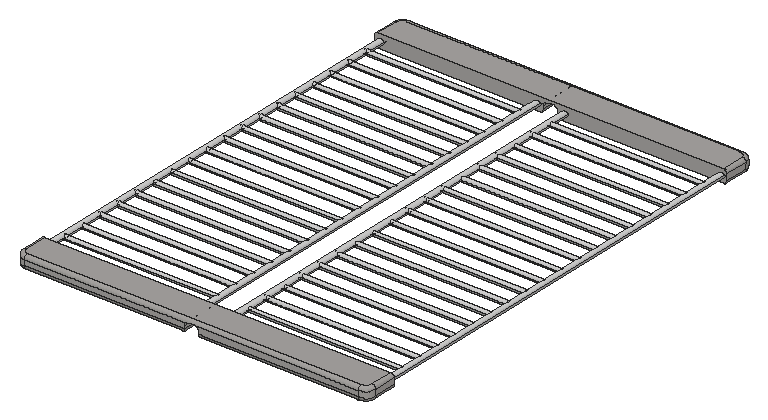
Revit family "Accessory-Drying_Rack-KOHLER-Ledge-K-35006", category Specialty Equipment, host Face, Revit 2021
Family settings
  Host = Face
  Round Connector Dimension = Use Diameter
  Part Type = Normal
  OmniClass Number = 23.31.25.00
  Cut with Voids When Loaded = No
  Shared = No
  Room Calculation Point = No
Parameters (values of type "NA-Not Applicable")
  Width = 11.9685"  # constant formula
  WaterSense Certified = 1 = 0  # no
  URL = "https://www.us.kohler.com/us/"
  Type = 1
  Secondary Finish = Plastic-Pantone-Gray_2332C
  Product Page URL = "http://www.us.kohler.com/us/catalog/productDetails.jsp?productNumber=35006"
  Product Name = "Ledge"  # constant formula
  Product Documentation Link = "https://www.us.kohler.com/webassets/kpna/catalog/pdf/en/K-35006_spec_US-CA_Kohler_en.pdf"
  Model = if(Type = 1, "K-35006-NA", "NA")  # "K-35006-NA"
  Material = "Premium Metal Construction"  # constant formula
  Master Format 2014 Name = "Toilet, Bath, and Laundry Accessories"  # constant formula
  Master Format 2014 = "10 28 00"  # constant formula
  Manufacturer Address = "444 Highland Dr, Kohler, WI 53044"  # constant formula
  Manufacturer = "Kohler Co."  # constant formula
  Length = 16.33858"  # constant formula
  Height = 0.44094"  # constant formula
  Finish = KOHLER-Metal-ST-Stainless_Steel
  Environmental Product Declaration = ""
  Description = "Drying Rack"  # constant formula
  Default Elevation = 42"
  Declare Label = ""
  Date Modified = "05/14/2024"  # constant formula
  Date Created = "05/14/2024"  # constant formula
  Copyright = "Copyright Kohler Co."  # constant formula
  Contact Us = "https://www.us.kohler.com/us/static/contact.jsp"
  Assembly Code = "C1030200"
  ADA Compliant = 1 = 0  # no
Reference planes (in)
  plane 1 "Center (Front/Back)": y = 0
  plane 2: z = 0
  plane 3 "Center (Left/Right)": x = 0
  plane 4: y = 8.16929
  plane 5: y = -8.16929
  plane 6: x = -5.98425
  plane 7: x = 5.98425
  plane 8: z = 0.44094
  plane 9: z = 0.31411
  plane 10: z = 0.12514
  plane 11: y = 7.07004
  plane 12: y = -7.07004
Dimensions and locks (in)
  "Width": plane 6 to plane 7
  plane 6 to plane 3 "Center (Left/Right)" = 5.98425"  (x2)
  plane 3 "Center (Left/Right)" to plane 7 = 5.98425"
  plane 1 "Center (Front/Back)" to plane 4 = 8.16929"
  plane 5 to plane 1 "Center (Front/Back)" = 8.16929"
  "Length": plane 5 to plane 4
  "Height": level to plane 8
  plane 4 to plane 5 = 16.33858"
  plane 8 to level = 0.44094"
  plane 6 to plane 7 = 11.9685"
  plane 7 to plane 3 "Center (Left/Right)" = 5.98425"
  plane 11 to plane 12 = 14.14008"
  aligned and locked: plane 2 to host face
  aligned and locked: level to host face
Automatic sketch dimensions
  host sketch curve to host sketch curve = 96"  (x2)
Nested families (in)
  nested 1: "K-35006" at (0, 0, 0), type "K-35006"
Definition of nested family "K-35006"
  Parameters
    Secondary Finish = none
    Material = none
    Default Elevation = 0"
  Reference planes (in)
    plane 1 "Center (Front/Back)": y = 0
    plane 2: z = 0
    plane 3 "Center (Left/Right)": x = 0
    plane 4: y = 8.16929
    plane 5: y = -8.16929
    plane 6: x = -5.98425
    plane 7: x = 5.98425
    plane 8: z = 0.44094
    plane 9: z = 0.31411
    plane 10: z = 0.12514
    plane 11: z = 0.31411
    plane 12: z = 0.12514
  Forms (in)
    Sweep 1, solid, material <- "Secondary Finish", detail levels medium+fine
      path origin (0, 0, 0) x (1, 0, 0) y (0, 1, 0)
        loop
          line (5.98425, 7.06897) -> (5.98425, 7.85433)
          arc (5.98425, 7.85433) -> (5.892, 8.07704) -> (5.66929, 8.16929) r 0.31496
          line (5.66929, 8.16929) -> (-5.66929, 8.16929)
          arc (-5.66929, 8.16929) -> (-5.892, 8.07704) -> (-5.98425, 7.85433) r 0.31496
          line (-5.98425, 7.85433) -> (-5.98425, 7.06897)
      profile origin (-5.98425, 7.46165, 0) x (1, 0, 0) y (0, 0, 1)
        loop
          arc (0, 0.11811) -> (0.03459, 0.03459) -> (0.11811, 0) r 0.11811
          line (0.11811, 0) -> (0.3001, 0) -> (0.3001, 0.44016) -> (0.11811, 0.44016)
          arc (0.11811, 0.44016) -> (0.03459, 0.40557) -> (0, 0.32205) r 0.11811
          line (0, 0.32205) -> (0, 0.11811)
    Extrusion 2, solid, material <- "Secondary Finish", detail levels medium+fine
      sketch origin (0, 0, 0) x (1, 0, 0) y (0, 1, 0)
        loop
          line (5.74231, 7.8692) -> (-5.72349, 7.8692) -> (-5.72349, 7.06897) -> (5.74231, 7.06897) -> (5.74231, 7.8692)
      from 0 to 0.44016
    Extrusion 3, void
      sketch origin (0, 0, 0) x (1, 0, 0) y (0, 0, 1)
        loop
          line (0.23377, 0.11811) -> (0.23377, 0.23259)
          arc (0.23377, 0.23259) -> (0.19917, 0.31611) -> (0.11566, 0.3507) r 0.11811
          line (0.11566, 0.3507) -> (-0.11664, 0.3507)
          arc (-0.11664, 0.3507) -> (-0.20016, 0.31611) -> (-0.23475, 0.23259) r 0.11811
          line (-0.23475, 0.23259) -> (-0.23475, 0.11811)
          arc (-0.23475, 0.11811) -> (-0.26934, 0.03459) -> (-0.35286, 0) r 0.11811
          line (-0.35286, 0) -> (0.35188, 0)
          arc (0.35188, 0) -> (0.26836, 0.03459) -> (0.23377, 0.11811) r 0.11811
      from -8.48546 to 11.44988
    Sweep 4, solid, material <- "Secondary Finish", detail levels medium+fine
      path origin (0, 0, 0) x (1, 0, 0) y (0, 1, 0)
        loop
          line (5.98425, -7.06897) -> (5.98425, -7.85433)
          arc (5.98425, -7.85433) -> (5.892, -8.07704) -> (5.66929, -8.16929) r 0.31496
          line (5.66929, -8.16929) -> (-5.66929, -8.16929)
          arc (-5.66929, -8.16929) -> (-5.892, -8.07704) -> (-5.98425, -7.85433) r 0.31496
          line (-5.98425, -7.85433) -> (-5.98425, -7.06897)
      profile origin (-5.98425, -7.46165, 0) x (-1, 0, 0) y (0, 0, 1)
        loop
          line (0, 0.11811) -> (0, 0.32205)
          arc (0, 0.32205) -> (-0.03459, 0.40557) -> (-0.11811, 0.44016) r 0.11811
          line (-0.11811, 0.44016) -> (-0.3001, 0.44016) -> (-0.3001, 0) -> (-0.11811, 0)
          arc (-0.11811, 0) -> (-0.03459, 0.03459) -> (0, 0.11811) r 0.11811
    Extrusion 5, solid, material <- "Secondary Finish", detail levels medium+fine
      sketch origin (0, 0, 0) x (1, 0, 0) y (0, 1, 0)
        loop
          line (5.74231, -7.8692) -> (5.74231, -7.06897) -> (-5.72349, -7.06897) -> (-5.72349, -7.8692) -> (5.74231, -7.8692)
      from 0 to 0.44016
    Extrusion 6, solid, material <- "Material"
      sketch origin (0, 0, 0) x (1, 0, 0) y (0, 0, 1)
        loop
          circle (-5.782, 0.22011) r 0.094
        loop
          circle (-0.469, 0.22011) r 0.094
        loop
          circle (0.469, 0.22011) r 0.094
        loop
          circle (5.782, 0.22011) r 0.094
      from -7.41243 to 7.30809
    Extrusion 7, solid, material <- "Material"
      sketch origin (0, 0, 0) x (0, 1, 0) y (0, 0, 1)
        loop
          circle (6.3888, 0.22011) r 0.078
        loop
          circle (5.6364, 0.22011) r 0.078
        loop
          circle (4.884, 0.22011) r 0.078
        loop
          circle (4.1316, 0.22011) r 0.078
        loop
          circle (3.3792, 0.22011) r 0.078
        loop
          circle (2.6268, 0.22011) r 0.078
        loop
          circle (1.8744, 0.22011) r 0.078
        loop
          circle (1.122, 0.22011) r 0.078
        loop
          circle (0.3696, 0.22011) r 0.078
        loop
          circle (-0.3828, 0.22011) r 0.078
        loop
          circle (-1.1352, 0.22011) r 0.078
        loop
          circle (-1.8876, 0.22011) r 0.078
        loop
          circle (-2.64, 0.22011) r 0.078
        loop
          circle (-3.3924, 0.22011) r 0.078
        loop
          circle (-4.1448, 0.22011) r 0.078
        loop
          circle (-4.8972, 0.22011) r 0.078
        loop
          circle (-5.6496, 0.22011) r 0.078
        loop
          circle (-6.402, 0.22011) r 0.078
      from -5.74999 to -0.48266
    Extrusion 8, solid, material <- "Material"
      sketch origin (-0.06791, 0, 0) x (0, 1, 0) y (0, 0, 1)
        loop
          circle (6.3888, 0.22011) r 0.078
        loop
          circle (5.6364, 0.22011) r 0.078
        loop
          circle (4.884, 0.22011) r 0.078
        loop
          circle (4.1316, 0.22011) r 0.078
        loop
          circle (3.3792, 0.22011) r 0.078
        loop
          circle (2.6268, 0.22011) r 0.078
        loop
          circle (1.8744, 0.22011) r 0.078
        loop
          circle (1.122, 0.22011) r 0.078
        loop
          circle (0.3696, 0.22011) r 0.078
        loop
          circle (-0.3828, 0.22011) r 0.078
        loop
          circle (-1.1352, 0.22011) r 0.078
        loop
          circle (-1.8876, 0.22011) r 0.078
        loop
          circle (-2.64, 0.22011) r 0.078
        loop
          circle (-3.3924, 0.22011) r 0.078
        loop
          circle (-4.1448, 0.22011) r 0.078
        loop
          circle (-4.8972, 0.22011) r 0.078
        loop
          circle (-5.6496, 0.22011) r 0.078
        loop
          circle (-6.402, 0.22011) r 0.078
      from 0.53673 to 5.81349
    Extrusion 9, solid, material <- "Secondary Finish", detail levels coarse
      sketch origin (0, 0, 0) x (1, 0, 0) y (0, 1, 0)
        loop
          line (-5.98425, 7.06897) -> (5.98425, 7.06897) -> (5.98425, 7.8508)
          arc (5.98425, 7.8508) -> (5.892, 8.07351) -> (5.66929, 8.16576) r 0.31496
          line (5.66929, 8.16576) -> (-5.66929, 8.16576)
          arc (-5.66929, 8.16576) -> (-5.892, 8.07351) -> (-5.98425, 7.8508) r 0.31496
          line (-5.98425, 7.8508) -> (-5.98425, 7.06897)
        loop
          line (5.98425, -7.06897) -> (-5.98425, -7.06897) -> (-5.98425, -7.8508)
          arc (-5.98425, -7.8508) -> (-5.892, -8.07351) -> (-5.66929, -8.16576) r 0.31496
          line (-5.66929, -8.16576) -> (5.66929, -8.16576)
          arc (5.66929, -8.16576) -> (5.892, -8.07351) -> (5.98425, -7.8508) r 0.31496
          line (5.98425, -7.8508) -> (5.98425, -7.06897)
      from 0 to 0.44016
  Cuts and joins
    Extrusion 3 cuts Sweep 1
    Extrusion 3 cuts Extrusion 2
    joined: Sweep 1, Extrusion 2
    Extrusion 3 cuts Sweep 4
    Extrusion 3 cuts Extrusion 5
    joined: Sweep 4, Extrusion 5
  Lines and regions (in)
    Masking region 1
      outline origin (0, 0, 0) x (1, 0, 0) y (0, 1, 0)
        loop
          line (-5.98425, 7.87402) -> (-5.98425, 7.09957)
          arc (-5.98425, 7.09957) -> (-5.9756, 7.07869) -> (-5.95472, 7.07004) r 0.02953
          line (-5.95472, 7.07004) -> (-5.87603, 7.07004) -> (-5.87603, -7.07004) -> (-5.95472, -7.07004)
          arc (-5.95472, -7.07004) -> (-5.9756, -7.07869) -> (-5.98425, -7.09957) r 0.02953
          line (-5.98425, -7.09957) -> (-5.98425, -7.87402)
          arc (-5.98425, -7.87402) -> (-5.89777, -8.08281) -> (-5.68898, -8.16929) r 0.29528
          line (-5.68898, -8.16929) -> (5.68898, -8.16929)
          arc (5.68898, -8.16929) -> (5.89777, -8.08281) -> (5.98425, -7.87402) r 0.29528
          line (5.98425, -7.87402) -> (5.98425, -7.09957)
          arc (5.98425, -7.09957) -> (5.9756, -7.07869) -> (5.95472, -7.07004) r 0.02953
          line (5.95472, -7.07004) -> (5.87603, -7.07004) -> (5.87603, 7.07004) -> (5.95472, 7.07004)
          arc (5.95472, 7.07004) -> (5.9756, 7.07869) -> (5.98425, 7.09957) r 0.02953
          line (5.98425, 7.09957) -> (5.98425, 7.87402)
          arc (5.98425, 7.87402) -> (5.89777, 8.08281) -> (5.68898, 8.16929) r 0.29528
          line (5.68898, 8.16929) -> (-5.68898, 8.16929)
          arc (-5.68898, 8.16929) -> (-5.89777, 8.08281) -> (-5.98425, 7.87402) r 0.29528
        loop
          line (-5.68783, -7.07004) -> (-0.56303, -7.07004) -> (-0.56303, -6.48) -> (-5.68783, -6.48) -> (-5.68783, -7.07004)
        loop
          line (-0.37546, 7.07004) -> (-0.37546, -7.07004) -> (0.37546, -7.07004) -> (0.37546, 7.07004) -> (-0.37546, 7.07004)
        loop
          line (-5.68783, 6.4668) -> (-0.56303, 6.4668) -> (-0.56303, 7.07004) -> (-5.68783, 7.07004) -> (-5.68783, 6.4668)
        loop
          line (-5.68783, 6.3108) -> (-5.68783, 5.7144) -> (-0.56303, 5.7144) -> (-0.56303, 6.3108) -> (-5.68783, 6.3108)
        loop
          line (-5.68783, 5.5584) -> (-5.68783, 4.962) -> (-0.56303, 4.962) -> (-0.56303, 5.5584) -> (-5.68783, 5.5584)
        loop
          line (-5.68783, 4.806) -> (-5.68783, 4.2096) -> (-0.56303, 4.2096) -> (-0.56303, 4.806) -> (-5.68783, 4.806)
        loop
          line (-5.68783, 4.0536) -> (-5.68783, 3.4572) -> (-0.56303, 3.4572) -> (-0.56303, 4.0536) -> (-5.68783, 4.0536)
        loop
          line (-5.68783, 3.3012) -> (-5.68783, 2.7048) -> (-0.56303, 2.7048) -> (-0.56303, 3.3012) -> (-5.68783, 3.3012)
        loop
          line (-5.68783, 2.5488) -> (-5.68783, 1.9524) -> (-0.56303, 1.9524) -> (-0.56303, 2.5488) -> (-5.68783, 2.5488)
        loop
          line (-5.68783, 1.7964) -> (-5.68783, 1.2) -> (-0.56303, 1.2) -> (-0.56303, 1.7964) -> (-5.68783, 1.7964)
        loop
          line (-5.68783, 1.044) -> (-5.68783, 0.4476) -> (-0.56303, 0.4476) -> (-0.56303, 1.044) -> (-5.68783, 1.044)
        loop
          line (-5.68783, 0.2916) -> (-5.68783, -0.3048) -> (-0.56303, -0.3048) -> (-0.56303, 0.2916) -> (-5.68783, 0.2916)
        loop
          line (-5.68783, -0.4608) -> (-5.68783, -1.0572) -> (-0.56303, -1.0572) -> (-0.56303, -0.4608) -> (-5.68783, -0.4608)
        loop
          line (-5.68783, -1.2132) -> (-5.68783, -1.8096) -> (-0.56303, -1.8096) -> (-0.56303, -1.2132) -> (-5.68783, -1.2132)
        loop
          line (-5.68783, -1.9656) -> (-5.68783, -2.562) -> (-0.56303, -2.562) -> (-0.56303, -1.9656) -> (-5.68783, -1.9656)
        loop
          line (-5.68783, -2.718) -> (-5.68783, -3.3144) -> (-0.56303, -3.3144) -> (-0.56303, -2.718) -> (-5.68783, -2.718)
        loop
          line (-5.68783, -3.4704) -> (-5.68783, -4.0668) -> (-0.56303, -4.0668) -> (-0.56303, -3.4704) -> (-5.68783, -3.4704)
        loop
          line (-5.68783, -4.2228) -> (-5.68783, -4.8192) -> (-0.56303, -4.8192) -> (-0.56303, -4.2228) -> (-5.68783, -4.2228)
        loop
          line (-5.68783, -4.9752) -> (-5.68783, -5.5716) -> (-0.56303, -5.5716) -> (-0.56303, -4.9752) -> (-5.68783, -4.9752)
        loop
          line (-5.68783, -5.7276) -> (-5.68783, -6.324) -> (-0.56303, -6.324) -> (-0.56303, -5.7276) -> (-5.68783, -5.7276)
        loop
          line (5.68783, -7.07004) -> (5.68783, -6.48) -> (0.56303, -6.48) -> (0.56303, -7.07004) -> (5.68783, -7.07004)
        loop
          line (5.68783, 6.4668) -> (5.68783, 7.07004) -> (0.56303, 7.07004) -> (0.56303, 6.4668) -> (5.68783, 6.4668)
        loop
          line (5.68783, 6.3108) -> (0.56303, 6.3108) -> (0.56303, 5.7144) -> (5.68783, 5.7144) -> (5.68783, 6.3108)
        loop
          line (5.68783, 5.5584) -> (0.56303, 5.5584) -> (0.56303, 4.962) -> (5.68783, 4.962) -> (5.68783, 5.5584)
        loop
          line (5.68783, 4.806) -> (0.56303, 4.806) -> (0.56303, 4.2096) -> (5.68783, 4.2096) -> (5.68783, 4.806)
        loop
          line (5.68783, 4.0536) -> (0.56303, 4.0536) -> (0.56303, 3.4572) -> (5.68783, 3.4572) -> (5.68783, 4.0536)
        loop
          line (5.68783, 3.3012) -> (0.56303, 3.3012) -> (0.56303, 2.7048) -> (5.68783, 2.7048) -> (5.68783, 3.3012)
        loop
          line (5.68783, 2.5488) -> (0.56303, 2.5488) -> (0.56303, 1.9524) -> (5.68783, 1.9524) -> (5.68783, 2.5488)
        loop
          line (5.68783, 1.7964) -> (0.56303, 1.7964) -> (0.56303, 1.2) -> (5.68783, 1.2) -> (5.68783, 1.7964)
        loop
          line (5.68783, 1.044) -> (0.56303, 1.044) -> (0.56303, 0.4476) -> (5.68783, 0.4476) -> (5.68783, 1.044)
        loop
          line (5.68783, 0.2916) -> (0.56303, 0.2916) -> (0.56303, -0.3048) -> (5.68783, -0.3048) -> (5.68783, 0.2916)
        loop
          line (5.68783, -0.4608) -> (0.56303, -0.4608) -> (0.56303, -1.0572) -> (5.68783, -1.0572) -> (5.68783, -0.4608)
        loop
          line (5.68783, -1.2132) -> (0.56303, -1.2132) -> (0.56303, -1.8096) -> (5.68783, -1.8096) -> (5.68783, -1.2132)
        loop
          line (5.68783, -1.9656) -> (0.56303, -1.9656) -> (0.56303, -2.562) -> (5.68783, -2.562) -> (5.68783, -1.9656)
        loop
          line (5.68783, -2.718) -> (0.56303, -2.718) -> (0.56303, -3.3144) -> (5.68783, -3.3144) -> (5.68783, -2.718)
        loop
          line (5.68783, -3.4704) -> (0.56303, -3.4704) -> (0.56303, -4.0668) -> (5.68783, -4.0668) -> (5.68783, -3.4704)
        loop
          line (5.68783, -4.2228) -> (0.56303, -4.2228) -> (0.56303, -4.8192) -> (5.68783, -4.8192) -> (5.68783, -4.2228)
        loop
          line (5.68783, -4.9752) -> (0.56303, -4.9752) -> (0.56303, -5.5716) -> (5.68783, -5.5716) -> (5.68783, -4.9752)
        loop
          line (5.68783, -5.7276) -> (0.56303, -5.7276) -> (0.56303, -6.324) -> (5.68783, -6.324) -> (5.68783, -5.7276)
    Masking region 2
      outline origin (0, 0, 0) x (0, 1, 0) y (0, 0, 1)
        loop
          arc (8.05118, 0) -> (8.1347, 0.03459) -> (8.16929, 0.11811) r 0.11811
          line (8.16929, 0.11811) -> (8.16929, 0.32283)
          arc (8.16929, 0.32283) -> (8.1347, 0.40635) -> (8.05118, 0.44094) r 0.11811
          line (8.05118, 0.44094) -> (7.0994, 0.44094)
          arc (7.0994, 0.44094) -> (7.07852, 0.4323) -> (7.06987, 0.41142) r 0.02953
          line (7.06987, 0.41142) -> (7.06987, 0.31411) -> (-7.06987, 0.31411) -> (-7.06987, 0.41142)
          arc (-7.06987, 0.41142) -> (-7.07852, 0.4323) -> (-7.0994, 0.44094) r 0.02953
          line (-7.0994, 0.44094) -> (-8.05118, 0.44094)
          arc (-8.05118, 0.44094) -> (-8.1347, 0.40635) -> (-8.16929, 0.32283) r 0.11811
          line (-8.16929, 0.32283) -> (-8.16929, 0.11811)
          arc (-8.16929, 0.11811) -> (-8.1347, 0.03459) -> (-8.05118, 0) r 0.11811
          line (-8.05118, 0) -> (-7.0994, 0)
          arc (-7.0994, 0) -> (-7.07852, 0.00865) -> (-7.06987, 0.02953) r 0.02953
          line (-7.06987, 0.02953) -> (-7.06987, 0.12514) -> (7.06987, 0.12514) -> (7.06987, 0.02953)
          arc (7.06987, 0.02953) -> (7.07852, 0.00865) -> (7.0994, 0) r 0.02953
          line (7.0994, 0) -> (8.05118, 0)
    Masking region 3
      outline origin (0, 0, 0) x (1, 0, 0) y (0, 0, 1)
        loop
          line (-5.98425, 0.31496) -> (-5.98425, 0.12598)
          arc (-5.98425, 0.12598) -> (-5.94735, 0.0369) -> (-5.85827, 0) r 0.12598
          line (-5.85827, 0) -> (-0.33798, 0)
          arc (-0.33798, 0) -> (-0.26342, 0.0438) -> (-0.23406, 0.12514) r 0.1273
          line (-0.23406, 0.12514) -> (-0.23406, 0.22927)
          arc (-0.23406, 0.22927) -> (-0.19844, 0.31526) -> (-0.11245, 0.35088) r 0.12161
          line (-0.11245, 0.35088) -> (0, 0.35088) -> (0.11245, 0.35088)
          arc (0.11245, 0.35088) -> (0.19844, 0.31526) -> (0.23406, 0.22927) r 0.12161
          line (0.23406, 0.22927) -> (0.23406, 0.12514)
          arc (0.23406, 0.12514) -> (0.26342, 0.0438) -> (0.33798, 0) r 0.1273
          line (0.33798, 0) -> (5.85827, 0)
          arc (5.85827, 0) -> (5.94735, 0.0369) -> (5.98425, 0.12598) r 0.12598
          line (5.98425, 0.12598) -> (5.98425, 0.31496)
          arc (5.98425, 0.31496) -> (5.94735, 0.40404) -> (5.85827, 0.44094) r 0.12598
          line (5.85827, 0.44094) -> (-5.85827, 0.44094)
          arc (-5.85827, 0.44094) -> (-5.94735, 0.40404) -> (-5.98425, 0.31496) r 0.12598
    symbolic lines, detail levels medium+fine
      curve 1: line (-5.8629, 7.07004, 0) -> (-5.8629, 7.87178, 0)
      curve 2: arc (-5.8629, 7.87178, 0) -> (-5.81101, 7.99705, 0) -> (-5.68574, 8.04894, 0) r 0.17717
      curve 3: line (-5.8974, 7.07004, 0) -> (-5.68783, 7.07004, 0)
      curve 4: line (-0.56303, 7.07004, 0) -> (-0.37546, 7.07004, 0)
      curve 5: line (0.37546, 7.07004, 0) -> (0.56303, 7.07004, 0)
      curve 6: line (5.68783, 7.07004, 0) -> (5.89389, 7.07004, 0)
      curve 7: line (5.98425, 7.09957, 0) -> (-5.98425, 7.09957, 0)
      curve 8: line (-5.68574, 8.04894, 0) -> (-5.68574, 8.16929, 0)
      curve 9: line (-5.8629, 7.87178, 0) -> (-5.98425, 7.87178, 0)
      curve 10: line (5.8629, 7.07004, 0) -> (5.8629, 7.87178, 0)
      curve 11: arc (5.8629, 7.87178, 0) -> (5.81101, 7.99705, 0) -> (5.68574, 8.04894, 0) r 0.17717
      curve 12: line (5.68574, 8.04894, 0) -> (5.68574, 8.16929, 0)
      curve 13: line (5.8629, 7.87178, 0) -> (5.98425, 7.87178, 0)
      curve 14: line (-5.68574, 8.04894, 0) -> (5.68574, 8.04894, 0)
      curve 15: line (-5.8629, -7.07004, 0) -> (-5.8629, -7.87178, 0)
      curve 16: arc (-5.8629, -7.87178, 0) -> (-5.81101, -7.99705, 0) -> (-5.68574, -8.04894, 0) r 0.17717
      curve 17: line (-5.68574, -8.04894, 0) -> (-5.68574, -8.16929, 0)
      curve 18: line (-5.8629, -7.87178, 0) -> (-5.98425, -7.87178, 0)
      curve 19: line (5.8629, -7.07004, 0) -> (5.8629, -7.87178, 0)
      curve 20: arc (5.8629, -7.87178, 0) -> (5.81101, -7.99705, 0) -> (5.68574, -8.04894, 0) r 0.17717
      curve 21: line (5.68574, -8.04894, 0) -> (5.68574, -8.16929, 0)
      curve 22: line (5.8629, -7.87178, 0) -> (5.98425, -7.87178, 0)
      curve 23: line (-5.68574, -8.04894, 0) -> (5.68574, -8.04894, 0)
      curve 24: line (-5.89283, -7.07004, 0) -> (-5.68783, -7.07004, 0)
      curve 25: line (-0.56303, -7.07004, 0) -> (-0.37546, -7.07004, 0)
      curve 26: line (0.37546, -7.07004, 0) -> (0.56303, -7.07004, 0)
      curve 27: line (5.68783, -7.07004, 0) -> (5.91538, -7.07004, 0)
      curve 28: line (-5.98425, -7.09957, 0) -> (5.98425, -7.09957, 0)
      curve 29: arc (-5.688, 6.4668, 0) -> (-5.72933, 6.3888, 0) -> (-5.688, 6.3108, 0) r 0.09427
      curve 30: arc (-5.688, 5.7144, 0) -> (-5.72933, 5.6364, 0) -> (-5.688, 5.5584, 0) r 0.09427
      curve 31: arc (-5.688, 4.962, 0) -> (-5.72933, 4.884, 0) -> (-5.688, 4.806, 0) r 0.09427
      curve 32: arc (-5.688, 4.2096, 0) -> (-5.72933, 4.1316, 0) -> (-5.688, 4.0536, 0) r 0.09427
      curve 33: arc (-5.688, 3.4572, 0) -> (-5.72933, 3.3792, 0) -> (-5.688, 3.3012, 0) r 0.09427
      curve 34: arc (-5.688, 2.7048, 0) -> (-5.72933, 2.6268, 0) -> (-5.688, 2.5488, 0) r 0.09427
      curve 35: arc (-5.688, 1.9524, 0) -> (-5.72933, 1.8744, 0) -> (-5.688, 1.7964, 0) r 0.09427
      curve 36: arc (-5.688, 1.2, 0) -> (-5.72933, 1.122, 0) -> (-5.688, 1.044, 0) r 0.09427
      curve 37: arc (-5.688, 0.4476, 0) -> (-5.72933, 0.3696, 0) -> (-5.688, 0.2916, 0) r 0.09427
      curve 38: arc (-5.688, -0.3048, 0) -> (-5.72933, -0.3828, 0) -> (-5.688, -0.4608, 0) r 0.09427
      curve 39: arc (-5.688, -1.0572, 0) -> (-5.72933, -1.1352, 0) -> (-5.688, -1.2132, 0) r 0.09427
      curve 40: arc (-5.688, -1.8096, 0) -> (-5.72933, -1.8876, 0) -> (-5.688, -1.9656, 0) r 0.09427
      curve 41: arc (-5.688, -2.562, 0) -> (-5.72933, -2.64, 0) -> (-5.688, -2.718, 0) r 0.09427
      curve 42: arc (-5.688, -3.3144, 0) -> (-5.72933, -3.3924, 0) -> (-5.688, -3.4704, 0) r 0.09427
      curve 43: arc (-5.688, -4.0668, 0) -> (-5.72933, -4.1448, 0) -> (-5.688, -4.2228, 0) r 0.09427
      curve 44: arc (-5.688, -4.8192, 0) -> (-5.72933, -4.8972, 0) -> (-5.688, -4.9752, 0) r 0.09427
      curve 45: arc (-5.688, -5.5716, 0) -> (-5.72933, -5.6496, 0) -> (-5.688, -5.7276, 0) r 0.09427
      curve 46: arc (-5.688, -6.324, 0) -> (-5.72933, -6.402, 0) -> (-5.688, -6.48, 0) r 0.09427
      curve 47: arc (-0.56286, 6.4668, 0) -> (-0.52152, 6.3888, 0) -> (-0.56286, 6.3108, 0) r 0.09427
      curve 48: arc (-0.56286, 5.7144, 0) -> (-0.52152, 5.6364, 0) -> (-0.56286, 5.5584, 0) r 0.09427
      curve 49: arc (-0.56286, 4.962, 0) -> (-0.52152, 4.884, 0) -> (-0.56286, 4.806, 0) r 0.09427
      curve 50: arc (-0.56286, 4.2096, 0) -> (-0.52152, 4.1316, 0) -> (-0.56286, 4.0536, 0) r 0.09427
      curve 51: arc (-0.56286, 3.4572, 0) -> (-0.52152, 3.3792, 0) -> (-0.56286, 3.3012, 0) r 0.09427
      curve 52: arc (-0.56286, 2.7048, 0) -> (-0.52152, 2.6268, 0) -> (-0.56286, 2.5488, 0) r 0.09427
      curve 53: arc (-0.56286, 1.9524, 0) -> (-0.52152, 1.8744, 0) -> (-0.56286, 1.7964, 0) r 0.09427
      curve 54: arc (-0.56286, 1.2, 0) -> (-0.52152, 1.122, 0) -> (-0.56286, 1.044, 0) r 0.09427
      curve 55: arc (-0.56286, 0.4476, 0) -> (-0.52152, 0.3696, 0) -> (-0.56286, 0.2916, 0) r 0.09427
      curve 56: arc (-0.56286, -0.3048, 0) -> (-0.52152, -0.3828, 0) -> (-0.56286, -0.4608, 0) r 0.09427
      curve 57: arc (-0.56286, -1.0572, 0) -> (-0.52152, -1.1352, 0) -> (-0.56286, -1.2132, 0) r 0.09427
      curve 58: arc (-0.56286, -1.8096, 0) -> (-0.52152, -1.8876, 0) -> (-0.56286, -1.9656, 0) r 0.09427
      curve 59: arc (-0.56286, -2.562, 0) -> (-0.52152, -2.64, 0) -> (-0.56286, -2.718, 0) r 0.09427
      curve 60: arc (-0.56286, -3.3144, 0) -> (-0.52152, -3.3924, 0) -> (-0.56286, -3.4704, 0) r 0.09427
      curve 61: arc (-0.56286, -4.0668, 0) -> (-0.52152, -4.1448, 0) -> (-0.56286, -4.2228, 0) r 0.09427
      curve 62: arc (-0.56286, -4.8192, 0) -> (-0.52152, -4.8972, 0) -> (-0.56286, -4.9752, 0) r 0.09427
      curve 63: arc (-0.56286, -5.5716, 0) -> (-0.52152, -5.6496, 0) -> (-0.56286, -5.7276, 0) r 0.09427
      curve 64: arc (-0.56286, -6.324, 0) -> (-0.52152, -6.402, 0) -> (-0.56286, -6.48, 0) r 0.09427
      curve 65: arc (5.688, 6.4668, 0) -> (5.72933, 6.3888, 0) -> (5.688, 6.3108, 0) r 0.09427
      curve 66: arc (5.688, 5.7144, 0) -> (5.72933, 5.6364, 0) -> (5.688, 5.5584, 0) r 0.09427
      curve 67: arc (5.688, 4.962, 0) -> (5.72933, 4.884, 0) -> (5.688, 4.806, 0) r 0.09427
      curve 68: arc (5.688, 4.2096, 0) -> (5.72933, 4.1316, 0) -> (5.688, 4.0536, 0) r 0.09427
      curve 69: arc (5.688, 3.4572, 0) -> (5.72933, 3.3792, 0) -> (5.688, 3.3012, 0) r 0.09427
      curve 70: arc (5.688, 2.7048, 0) -> (5.72933, 2.6268, 0) -> (5.688, 2.5488, 0) r 0.09427
      curve 71: arc (5.688, 1.9524, 0) -> (5.72933, 1.8744, 0) -> (5.688, 1.7964, 0) r 0.09427
      curve 72: arc (5.688, 1.2, 0) -> (5.72933, 1.122, 0) -> (5.688, 1.044, 0) r 0.09427
      curve 73: arc (5.688, 0.4476, 0) -> (5.72933, 0.3696, 0) -> (5.688, 0.2916, 0) r 0.09427
      curve 74: arc (5.688, -0.3048, 0) -> (5.72933, -0.3828, 0) -> (5.688, -0.4608, 0) r 0.09427
      curve 75: arc (5.688, -1.0572, 0) -> (5.72933, -1.1352, 0) -> (5.688, -1.2132, 0) r 0.09427
      curve 76: arc (5.688, -1.8096, 0) -> (5.72933, -1.8876, 0) -> (5.688, -1.9656, 0) r 0.09427
      curve 77: arc (5.688, -2.562, 0) -> (5.72933, -2.64, 0) -> (5.688, -2.718, 0) r 0.09427
      curve 78: arc (5.688, -3.3144, 0) -> (5.72933, -3.3924, 0) -> (5.688, -3.4704, 0) r 0.09427
      curve 79: arc (5.688, -4.0668, 0) -> (5.72933, -4.1448, 0) -> (5.688, -4.2228, 0) r 0.09427
      curve 80: arc (5.688, -4.8192, 0) -> (5.72933, -4.8972, 0) -> (5.688, -4.9752, 0) r 0.09427
      curve 81: arc (5.688, -5.5716, 0) -> (5.72933, -5.6496, 0) -> (5.688, -5.7276, 0) r 0.09427
      curve 82: arc (5.688, -6.324, 0) -> (5.72933, -6.402, 0) -> (5.688, -6.48, 0) r 0.09427
      curve 83: arc (0.56286, 6.4668, 0) -> (0.52152, 6.3888, 0) -> (0.56286, 6.3108, 0) r 0.09427
      curve 84: arc (0.56286, 5.7144, 0) -> (0.52152, 5.6364, 0) -> (0.56286, 5.5584, 0) r 0.09427
      curve 85: arc (0.56286, 4.962, 0) -> (0.52152, 4.884, 0) -> (0.56286, 4.806, 0) r 0.09427
      curve 86: arc (0.56286, 4.2096, 0) -> (0.52152, 4.1316, 0) -> (0.56286, 4.0536, 0) r 0.09427
      curve 87: arc (0.56286, 3.4572, 0) -> (0.52152, 3.3792, 0) -> (0.56286, 3.3012, 0) r 0.09427
      curve 88: arc (0.56286, 2.7048, 0) -> (0.52152, 2.6268, 0) -> (0.56286, 2.5488, 0) r 0.09427
      curve 89: arc (0.56286, 1.9524, 0) -> (0.52152, 1.8744, 0) -> (0.56286, 1.7964, 0) r 0.09427
      curve 90: arc (0.56286, 1.2, 0) -> (0.52152, 1.122, 0) -> (0.56286, 1.044, 0) r 0.09427
      curve 91: arc (0.56286, 0.4476, 0) -> (0.52152, 0.3696, 0) -> (0.56286, 0.2916, 0) r 0.09427
      curve 92: arc (0.56286, -0.3048, 0) -> (0.52152, -0.3828, 0) -> (0.56286, -0.4608, 0) r 0.09427
      curve 93: arc (0.56286, -1.0572, 0) -> (0.52152, -1.1352, 0) -> (0.56286, -1.2132, 0) r 0.09427
      curve 94: arc (0.56286, -1.8096, 0) -> (0.52152, -1.8876, 0) -> (0.56286, -1.9656, 0) r 0.09427
      curve 95: arc (0.56286, -2.562, 0) -> (0.52152, -2.64, 0) -> (0.56286, -2.718, 0) r 0.09427
      curve 96: arc (0.56286, -3.3144, 0) -> (0.52152, -3.3924, 0) -> (0.56286, -3.4704, 0) r 0.09427
      curve 97: arc (0.56286, -4.0668, 0) -> (0.52152, -4.1448, 0) -> (0.56286, -4.2228, 0) r 0.09427
      curve 98: arc (0.56286, -4.8192, 0) -> (0.52152, -4.8972, 0) -> (0.56286, -4.9752, 0) r 0.09427
      curve 99: arc (0.56286, -5.5716, 0) -> (0.52152, -5.6496, 0) -> (0.56286, -5.7276, 0) r 0.09427
      curve 100: arc (0.56286, -6.324, 0) -> (0.52152, -6.402, 0) -> (0.56286, -6.48, 0) r 0.09427
      curve 101: line (0, 7.86984, 0.44094) -> (0, 7.86984, 0)
      curve 102: line (0, 7.0994, 0.44094) -> (0, 7.0994, 0)
      curve 103: line (0, 7.06987, 0.12005) -> (0, 7.06987, 0.31411)
      curve 104: line (0, 7.06987, 0.12005) -> (0, 8.16929, 0.12005)
      curve 105: line (0, 7.06987, 0.3209) -> (0, 8.16928, 0.3209)
      curve 106: line (0, -8.16929, 0.12005) -> (0, -8.16929, 0.3209)
      curve 107: line (0, -7.86984, 0.44094) -> (0, -7.86984, 0)
      curve 108: line (0, -7.0994, 0.44094) -> (0, -7.0994, 0)
      curve 109: line (0, -7.06987, 0.12005) -> (0, -7.06987, 0.3209)
      curve 110: line (0, -7.06987, 0.12005) -> (0, -8.16929, 0.12005)
      curve 111: line (0, -7.06987, 0.3209) -> (0, -8.16929, 0.3209)
      curve 112: line (-5.68371, 0, 0.44094) -> (-5.68371, 0, 0)
      curve 113: line (-5.98413, 0, 0.31411) -> (-0.24447, 0, 0.31411)
      curve 114: line (-5.98425, 0, 0.12514) -> (-0.26222, 0, 0.12514)
      curve 115: line (-0.26222, 0, 0.12514) -> (-0.26222, 0, 0.23791)
      curve 116: arc (-0.26222, 0, 0.23791) -> (-0.2259, 0, 0.34376) -> (-0.13225, 0, 0.405) r 0.17238
      curve 117: line (-0.13225, 0, 0.405) -> (0, 0, 0.405)
      curve 118: arc (-0.33798, 0, 0) -> (-0.28264, 0, 0.052) -> (-0.26222, 0, 0.12514) r 0.14123
      curve 119: line (0.26222, 0, 0.12514) -> (0.26222, 0, 0.23791)
      curve 120: arc (0.26222, 0, 0.23791) -> (0.2259, 0, 0.34376) -> (0.13225, 0, 0.405) r 0.17238
      curve 121: line (0.13225, 0, 0.405) -> (0, 0, 0.405)
      curve 122: arc (0.33798, 0, 0) -> (0.28264, 0, 0.052) -> (0.26222, 0, 0.12514) r 0.14123
      curve 123: line (5.98413, 0, 0.31411) -> (0.24447, 0, 0.31411)
      curve 124: line (5.98425, 0, 0.12514) -> (0.26222, 0, 0.12514)
      curve 125: line (5.68371, 0, 0.44094) -> (5.68371, 0, 0)
  Dimensions and locks (in)
    plane 6 to plane 7 = 11.9685"
    plane 4 to plane 5 = 16.33858"
    plane 10 to plane 9 = 0.18898"
    plane 8 to level = 0.44094"
    aligned and locked: plane 2 to level
